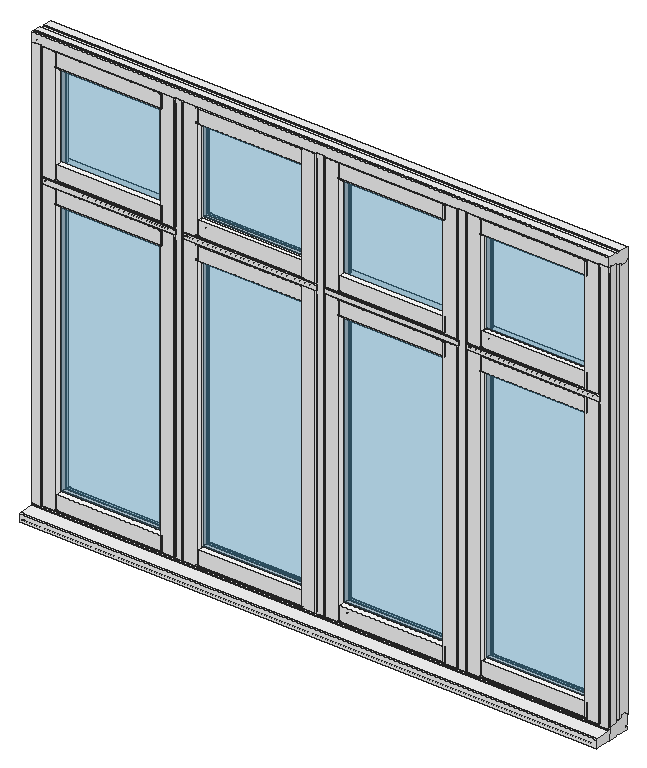
Revit family "C44", category Generic Models, Revit 2012 (continued)
Forms (mm)
  Extrusion 62, solid, material "White" <- "Floor Material"
    sketch origin (1143.651, -3440.583, 2722.931) x (0, 1, 0) y (0, 0, 1)
      loop
        line (3435.083, -1455.128) -> (3451.083, -1455.128)
    from -643.545 to -205.718
  Extrusion 63, solid, material "White" <- "Floor Material"
    sketch origin (-363.128, -3440.699, 1654.007) x (0, 1, 0) y (-1, 0, 0)
      loop
        arc (3451.083, -1345.128) -> (3453.205, -1344.249) -> (3454.083, -1342.128) r 3
        line (3454.083, -1342.128) -> (3454.083, -1301.128) -> (3406.083, -1301.128) -> (3406.083, -1285.128) -> (3404.083, -1285.128) -> (3394.083, -1295.128) -> (3394.083, -1350.128)
        arc (3394.083, -1350.128) -> (3394.962, -1352.249) -> (3397.083, -1353.128) r 3
        line (3397.083, -1353.128) -> (3399.083, -1353.128)
        arc (3399.083, -1353.128) -> (3401.205, -1352.249) -> (3402.083, -1350.128) r 3
        line (3402.083, -1350.128) -> (3402.083, -1345.128) -> (3413.083, -1345.128)
        arc (3413.083, -1345.128) -> (3414.498, -1344.542) -> (3415.083, -1343.128) r 2
        line (3415.083, -1343.128) -> (3433.083, -1343.128)
        arc (3433.083, -1343.128) -> (3433.669, -1344.542) -> (3435.083, -1345.128) r 2
        line (3435.083, -1345.128) -> (3451.083, -1345.128)
    from -398.197 to 75.993
  Extrusion 64, solid, material "White" <- "Floor Material"
    sketch origin (-363.128, -3440.699, 1144.02) x (0, 1, 0) y (-1, 0, 0)
      loop
        arc (3451.083, -1345.128) -> (3453.205, -1344.249) -> (3454.083, -1342.128) r 3
        line (3454.083, -1342.128) -> (3454.083, -1301.128) -> (3406.083, -1301.128) -> (3406.083, -1285.128) -> (3404.083, -1285.128) -> (3394.083, -1295.128) -> (3394.083, -1350.128)
        arc (3394.083, -1350.128) -> (3394.962, -1352.249) -> (3397.083, -1353.128) r 3
        line (3397.083, -1353.128) -> (3399.083, -1353.128)
        arc (3399.083, -1353.128) -> (3401.205, -1352.249) -> (3402.083, -1350.128) r 3
        line (3402.083, -1350.128) -> (3402.083, -1345.128) -> (3413.083, -1345.128)
        arc (3413.083, -1345.128) -> (3414.498, -1344.542) -> (3415.083, -1343.128) r 2
        line (3415.083, -1343.128) -> (3433.083, -1343.128)
        arc (3433.083, -1343.128) -> (3433.669, -1344.542) -> (3435.083, -1345.128) r 2
        line (3435.083, -1345.128) -> (3451.083, -1345.128)
    from -1096.02 to 84.79
  Extrusion 65, solid, material "White" <- "Floor Material"
    sketch origin (1800.914, -3440.699, 1654.007) x (0, 1, 0) y (-1, 0, 0)
      loop
        line (3451.083, 1345.128) -> (3435.083, 1345.128)
        arc (3435.083, 1345.128) -> (3433.669, 1344.542) -> (3433.083, 1343.128) r 2
        line (3433.083, 1343.128) -> (3415.083, 1343.128)
        arc (3415.083, 1343.128) -> (3414.498, 1344.542) -> (3413.083, 1345.128) r 2
        line (3413.083, 1345.128) -> (3402.083, 1345.128) -> (3402.083, 1350.128)
        arc (3402.083, 1350.128) -> (3401.205, 1352.249) -> (3399.083, 1353.128) r 3
        line (3399.083, 1353.128) -> (3397.083, 1353.128)
        arc (3397.083, 1353.128) -> (3394.962, 1352.249) -> (3394.083, 1350.128) r 3
        line (3394.083, 1350.128) -> (3394.083, 1295.128) -> (3404.083, 1285.128) -> (3406.083, 1285.128) -> (3406.083, 1301.128) -> (3454.083, 1301.128) -> (3454.083, 1342.128)
        arc (3454.083, 1342.128) -> (3453.205, 1344.249) -> (3451.083, 1345.128) r 3
    from -398.197 to 75.993
  Extrusion 66, solid, material "White" <- "Floor Material"
    sketch origin (1800.914, -3440.699, 1144.02) x (0, 1, 0) y (-1, 0, 0)
      loop
        line (3451.083, 1345.128) -> (3435.083, 1345.128)
        arc (3435.083, 1345.128) -> (3433.669, 1344.542) -> (3433.083, 1343.128) r 2
        line (3433.083, 1343.128) -> (3415.083, 1343.128)
        arc (3415.083, 1343.128) -> (3414.498, 1344.542) -> (3413.083, 1345.128) r 2
        line (3413.083, 1345.128) -> (3402.083, 1345.128) -> (3402.083, 1350.128)
        arc (3402.083, 1350.128) -> (3401.205, 1352.249) -> (3399.083, 1353.128) r 3
        line (3399.083, 1353.128) -> (3397.083, 1353.128)
        arc (3397.083, 1353.128) -> (3394.962, 1352.249) -> (3394.083, 1350.128) r 3
        line (3394.083, 1350.128) -> (3394.083, 1295.128) -> (3404.083, 1285.128) -> (3406.083, 1285.128) -> (3406.083, 1301.128) -> (3454.083, 1301.128) -> (3454.083, 1342.128)
        arc (3454.083, 1342.128) -> (3453.205, 1344.249) -> (3451.083, 1345.128) r 3
    from -1096.02 to 84.79
  Extrusion 67, solid, material "White" <- "Floor Material"
    sketch origin (1756.128, -3440.699, 1654.007) x (0, 1, 0) y (-1, 0, 0)
      loop
        arc (3397.083, 1312.128) -> (3398.498, 1312.714) -> (3399.083, 1314.128) r 2
        line (3399.083, 1314.128) -> (3399.083, 1315.128) -> (3406.083, 1315.128) -> (3406.083, 1314.128)
        arc (3406.083, 1314.128) -> (3406.669, 1312.714) -> (3408.083, 1312.128) r 2
        line (3408.083, 1312.128) -> (3433.083, 1312.128) -> (3433.083, 1306.128) -> (3441.083, 1306.128) -> (3441.083, 1312.128) -> (3444.083, 1312.128) -> (3444.083, 1304.128) -> (3454.083, 1304.128) -> (3454.083, 1312.128) -> (3458.083, 1312.128) -> (3458.083, 1292.128) -> (3474.083, 1292.128) -> (3474.083, 1295.128)
        arc (3474.083, 1295.128) -> (3481.155, 1298.057) -> (3484.083, 1305.128) r 10
        line (3484.083, 1305.128) -> (3487.083, 1305.128) -> (3487.083, 1347.128) -> (3484.083, 1347.128)
        arc (3484.083, 1347.128) -> (3481.155, 1354.199) -> (3474.083, 1357.128) r 10
        line (3474.083, 1357.128) -> (3474.083, 1360.128) -> (3458.083, 1360.128) -> (3458.083, 1340.128) -> (3454.083, 1340.128) -> (3454.083, 1348.128) -> (3444.083, 1348.128) -> (3444.083, 1340.128) -> (3441.083, 1340.128) -> (3441.083, 1346.128) -> (3433.083, 1346.128) -> (3433.083, 1340.128) -> (3408.083, 1340.128)
        arc (3408.083, 1340.128) -> (3406.669, 1339.542) -> (3406.083, 1338.128) r 2
        line (3406.083, 1338.128) -> (3406.083, 1337.128) -> (3399.083, 1337.128) -> (3399.083, 1338.128)
        arc (3399.083, 1338.128) -> (3398.498, 1339.542) -> (3397.083, 1340.128) r 2
        line (3397.083, 1340.128) -> (3393.083, 1340.128) -> (3393.083, 1312.128) -> (3397.083, 1312.128)
    from -1606.007 to 79.993
Cuts and joins
  Sweep 40 cuts Extrusion 18
  Sweep 40 cuts Extrusion 26
  Sweep 40 cuts Extrusion 36
  Sweep 40 cuts Sweep 38
  Sweep 40 cuts Sweep 39
Dimensions and locks
  plane 11 to level = 117 mm
  "Height": plane 10 to level
  "Width": plane 5 to plane 7
  plane 5 to plane 7 = 2358 mm
  Extrusion 15 to Extrusion 16 = 525.987 mm
  plane 14 to level = 60 mm
  plane 10 to plane 16 = 36 mm
  equal spacing: plane 5, plane 6, plane 7
  aligned and locked: level to plane 2
  aligned and locked: Sweep 14 sketch curve to plane 10
  aligned and locked: plane 5 to Sweep 14 sketch curve
  aligned and locked: plane 7 to Sweep 14 sketch curve
Automatic sketch dimensions
  Extrusion 8 sketch curve to plane 17 = 2.943 mm  (x2)
  plane 9 to Extrusion 8 sketch curve = 20.5 mm
  plane 17 to Extrusion 8 sketch curve = 0.057 mm
  Extrusion 8 sketch curve to Extrusion 8 sketch curve = 2 mm  (x4)
  Extrusion 8 sketch curve to Extrusion 8 sketch curve = 10 mm  (x2)
  Extrusion 8 sketch curve to Extrusion 8 sketch curve = 11 mm
  plane 1 "Center (Front/Back)" to Extrusion 8 sketch curve = 7.5 mm
  Extrusion 8 sketch curve to plane 15 = 6.485 mm
  Extrusion 8 sketch curve to Extrusion 8 sketch curve = 3 mm
  Extrusion 8 sketch curve to plane 17 = 7.943 mm
  Extrusion 8 sketch curve to Extrusion 8 sketch curve = 42 mm
  Extrusion 8 sketch curve to Extrusion 8 sketch curve = 6 mm
  Sweep 9 sketch curve to plane 24 = 52.12 mm
  plane 22 to Sweep 9 sketch curve = 52.1 mm
  plane 26 to Sweep 9 sketch curve = 56.193 mm
  Sweep 9 sketch curve to plane 17 = 52.1 mm
  Sweep 9 sketch curve to profile plane = 0 mm
  Sweep 9 sketch curve to profile plane = 8 mm
  profile plane to Sweep 9 sketch curve = 15.893 mm
  Sweep 9 sketch curve to Sweep 9 sketch curve = 3 mm  (x3)
  Sweep 9 sketch curve to Sweep 9 sketch curve = 4 mm  (x2)
  profile plane to Sweep 9 sketch curve = 4.893 mm
  Sweep 9 sketch curve to profile plane = 0.107 mm
  plane 1 "Center (Front/Back)" to Extrusion 10 sketch curve = 8.984 mm
  Extrusion 10 sketch curve to plane 24 = 56.013 mm
  Extrusion 10 sketch curve to Extrusion 10 sketch curve = 0 mm  (x2)
  plane 22 to Extrusion 10 sketch curve = 56.993 mm
  Extrusion 10 sketch curve to Extrusion 10 sketch curve = 4 mm  (x2)
  Extrusion 10 sketch curve to Extrusion 10 sketch curve = 16 mm
  Sweep 11 sketch curve to plane 24 = 56.013 mm
  plane 22 to Sweep 11 sketch curve = 56 mm
  plane 26 to Sweep 11 sketch curve = 59.993 mm
  Sweep 11 sketch curve to plane 17 = 55.943 mm
  profile plane to Sweep 11 sketch curve = 0 mm
  profile plane to Sweep 11 sketch curve = 10 mm
  Sweep 11 sketch curve to profile plane = 8 mm
  profile plane to Sweep 11 sketch curve = 8 mm
  Extrusion 12 sketch curve to level = 0 mm  (x2)
  Extrusion 12 sketch curve to plane 4 = 2 mm
  Extrusion 12 sketch curve to plane 9 = 41.015 mm
  plane 4 to Extrusion 12 sketch curve = 0.977 mm
  Extrusion 12 sketch curve to Extrusion 12 sketch curve = 2.63 mm
  Extrusion 12 sketch curve to Extrusion 12 sketch curve = 5 mm  (x2)
  level to Extrusion 12 sketch curve = 2 mm
  Extrusion 12 sketch curve to Extrusion 12 sketch curve = 3 mm
  plane 9 to Extrusion 12 sketch curve = 18.985 mm
  plane 4 to Extrusion 12 sketch curve = 5 mm
  Extrusion 12 sketch curve to Extrusion 12 sketch curve = 0 mm
  Extrusion 12 sketch curve to plane 4 = 10 mm
  Extrusion 13 sketch curve to level = 0 mm  (x3)
  Extrusion 13 sketch curve to plane 15 = 0 mm  (x2)
  Extrusion 13 sketch curve to plane 14 = 0 mm
  Extrusion 13 sketch curve to plane 15 = 8 mm
  plane 1 "Center (Front/Back)" to Extrusion 13 sketch curve = 6.015 mm
  level to Extrusion 13 sketch curve = 5 mm
  plane 1 "Center (Front/Back)" to Extrusion 13 sketch curve = 11.015 mm
  Extrusion 13 sketch curve to Extrusion 13 sketch curve = 26 mm
  Extrusion 13 sketch curve to Extrusion 13 sketch curve = 3 mm  (x5)
  Extrusion 13 sketch curve to plane 4 = 10 mm
  Extrusion 13 sketch curve to Extrusion 13 sketch curve = 0 mm
  Extrusion 13 sketch curve to Extrusion 13 sketch curve = 5 mm  (x2)
  Extrusion 13 sketch curve to Extrusion 13 sketch curve = 2 mm
  Extrusion 13 sketch curve to Extrusion 13 sketch curve = 6 mm
  plane 14 to Extrusion 13 sketch curve = 5 mm
  Extrusion 13 sketch curve to Extrusion 13 sketch curve = 10 mm  (x3)
  plane 15 to Extrusion 13 sketch curve = 19 mm
  Extrusion 13 sketch curve to plane 14 = 5 mm
  level to Extrusion 13 sketch curve = 2 mm
  level to Extrusion 13 sketch curve = 10 mm
  plane 4 to Extrusion 13 sketch curve = 5 mm
  Extrusion 13 sketch curve to plane 14 = 12 mm
  Extrusion 13 sketch curve to Extrusion 13 sketch curve = 4 mm
  plane 14 to Extrusion 13 sketch curve = 8 mm
  profile plane to Sweep 14 sketch curve = 0 mm  (x3)
  Sweep 14 sketch curve to Sweep 14 sketch curve = 2 mm  (x2)
  Sweep 14 sketch curve to Sweep 14 sketch curve = 5 mm  (x2)
  Sweep 14 sketch curve to Sweep 14 sketch curve = 31 mm
  Sweep 14 sketch curve to Sweep 14 sketch curve = 0.071 mm
  Sweep 14 sketch curve to Sweep 14 sketch curve = 0.17 mm
  profile plane to Sweep 14 sketch curve = 7 mm
  Sweep 14 sketch curve to Sweep 14 sketch curve = 2.929 mm
  Sweep 14 sketch curve to Sweep 14 sketch curve = 2.83 mm
  Sweep 14 sketch curve to profile plane = 1 mm
  Sweep 14 sketch curve to Sweep 14 sketch curve = 0 mm  (x3)
  Sweep 14 sketch curve to Sweep 14 sketch curve = 7 mm
  Sweep 14 sketch curve to Sweep 14 sketch curve = 8 mm
  Sweep 14 sketch curve to Sweep 14 sketch curve = 10 mm  (x2)
  Sweep 14 sketch curve to Sweep 14 sketch curve = 3 mm  (x4)
  Sweep 14 sketch curve to profile plane = 10 mm
  Sweep 14 sketch curve to Sweep 14 sketch curve = 4 mm
  Sweep 14 sketch curve to Sweep 14 sketch curve = 16 mm
  profile plane to Sweep 14 sketch curve = 10 mm
  Sweep 14 sketch curve to Sweep 14 sketch curve = 24.08 mm
  Sweep 14 sketch curve to Sweep 14 sketch curve = 0.647 mm
  Sweep 14 sketch curve to Sweep 14 sketch curve = 26 mm
  Sweep 14 sketch curve to Sweep 14 sketch curve = 6.921 mm
  Extrusion 15 sketch curve to plane 24 = 3.013 mm
  plane 9 to Extrusion 15 sketch curve = 20.384 mm
  Extrusion 15 sketch curve to plane 24 = 0.013 mm
  Extrusion 15 sketch curve to Extrusion 15 sketch curve = 2 mm  (x4)
  Extrusion 15 sketch curve to Extrusion 15 sketch curve = 3 mm  (x2)
  Extrusion 15 sketch curve to Extrusion 15 sketch curve = 10 mm  (x2)
  Extrusion 15 sketch curve to Extrusion 15 sketch curve = 11 mm
  plane 1 "Center (Front/Back)" to Extrusion 15 sketch curve = 7.616 mm
  Extrusion 15 sketch curve to plane 15 = 6.601 mm
  Extrusion 15 sketch curve to plane 24 = 8.013 mm
  Extrusion 15 sketch curve to Extrusion 15 sketch curve = 42 mm
  Extrusion 15 sketch curve to Extrusion 15 sketch curve = 6 mm
  Extrusion 16 sketch curve to plane 22 = 0 mm
  plane 22 to Extrusion 16 sketch curve = 3 mm
  plane 9 to Extrusion 16 sketch curve = 20.384 mm
  Extrusion 16 sketch curve to Extrusion 16 sketch curve = 2 mm  (x4)
  Extrusion 16 sketch curve to Extrusion 16 sketch curve = 3 mm  (x2)
  Extrusion 16 sketch curve to Extrusion 16 sketch curve = 10 mm  (x2)
  Extrusion 16 sketch curve to Extrusion 16 sketch curve = 11 mm
  plane 1 "Center (Front/Back)" to Extrusion 16 sketch curve = 7.616 mm
  Extrusion 16 sketch curve to plane 15 = 6.601 mm
  plane 22 to Extrusion 16 sketch curve = 8 mm
  Extrusion 16 sketch curve to Extrusion 16 sketch curve = 41 mm
  Extrusion 16 sketch curve to Extrusion 16 sketch curve = 6 mm
  Extrusion 17 sketch curve to plane 26 = 0 mm
  plane 26 to Extrusion 17 sketch curve = 3 mm
  plane 9 to Extrusion 17 sketch curve = 20.5 mm
  Extrusion 17 sketch curve to Extrusion 17 sketch curve = 2 mm  (x4)
  Extrusion 17 sketch curve to Extrusion 17 sketch curve = 3 mm  (x2)
  Extrusion 17 sketch curve to Extrusion 17 sketch curve = 10 mm  (x2)
  Extrusion 17 sketch curve to Extrusion 17 sketch curve = 11 mm
  plane 1 "Center (Front/Back)" to Extrusion 17 sketch curve = 7.5 mm
  Extrusion 17 sketch curve to plane 15 = 6.485 mm
  plane 26 to Extrusion 17 sketch curve = 11.993 mm
  Extrusion 17 sketch curve to Extrusion 17 sketch curve = 41 mm
  Extrusion 17 sketch curve to Extrusion 17 sketch curve = 6 mm
  Extrusion 18 sketch curve to plane 23 = 0 mm  (x4)
  Extrusion 18 sketch curve to plane 21 = 0 mm  (x4)
  plane 9 to Extrusion 18 sketch curve = 19.384 mm
  Extrusion 18 sketch curve to Extrusion 18 sketch curve = 4 mm  (x2)
  Extrusion 18 sketch curve to plane 21 = 2 mm
  Extrusion 18 sketch curve to Extrusion 18 sketch curve = 2 mm  (x2)
  Extrusion 18 sketch curve to Extrusion 18 sketch curve = 7 mm  (x2)
  Extrusion 18 sketch curve to plane 23 = 2 mm
  plane 22 to Extrusion 18 sketch curve = 2 mm
  plane 1 "Center (Front/Back)" to Extrusion 18 sketch curve = 7.616 mm  (x2)
  plane 20 to Extrusion 18 sketch curve = 2 mm
  Extrusion 18 sketch curve to plane 1 "Center (Front/Back)" = 0.384 mm  (x2)
  Extrusion 18 sketch curve to Extrusion 18 sketch curve = 3 mm  (x3)
  Extrusion 18 sketch curve to plane 1 "Center (Front/Back)" = 3.384 mm
  Extrusion 18 sketch curve to plane 15 = 3.601 mm  (x2)
  plane 15 to Extrusion 18 sketch curve = 0.399 mm  (x2)
  plane 20 to Extrusion 18 sketch curve = 3 mm
  plane 15 to Extrusion 18 sketch curve = 16.399 mm
  Extrusion 18 sketch curve to Extrusion 18 sketch curve = 16 mm
  plane 22 to Extrusion 18 sketch curve = 3 mm
  Extrusion 18 sketch curve to Extrusion 18 sketch curve = 10 mm  (x2)
  plane 20 to Extrusion 18 sketch curve = 16 mm
  plane 20 to Extrusion 18 sketch curve = 4 mm
  Extrusion 18 sketch curve to Extrusion 18 sketch curve = 1 mm  (x2)
  plane 22 to Extrusion 18 sketch curve = 4 mm
  Extrusion 19 sketch curve to plane 17 = 3.359 mm
  plane 9 to Extrusion 19 sketch curve = 20.5 mm
  Extrusion 19 sketch curve to plane 17 = 0.359 mm
  Extrusion 19 sketch curve to Extrusion 19 sketch curve = 2 mm  (x4)
  Extrusion 19 sketch curve to Extrusion 19 sketch curve = 3 mm  (x2)
  Extrusion 19 sketch curve to Extrusion 19 sketch curve = 10 mm  (x2)
  Extrusion 19 sketch curve to Extrusion 19 sketch curve = 11 mm
  plane 1 "Center (Front/Back)" to Extrusion 19 sketch curve = 7.5 mm
  Extrusion 19 sketch curve to plane 15 = 6.485 mm
  Extrusion 19 sketch curve to plane 17 = 8.359 mm
  Extrusion 19 sketch curve to Extrusion 19 sketch curve = 41 mm
  Extrusion 19 sketch curve to Extrusion 19 sketch curve = 6 mm
  Extrusion 20 sketch curve to plane 14 = 9 mm
  plane 9 to Extrusion 20 sketch curve = 20.884 mm
  Extrusion 20 sketch curve to Extrusion 20 sketch curve = 3 mm  (x2)
  Extrusion 20 sketch curve to Extrusion 20 sketch curve = 2 mm  (x4)
  plane 11 to Extrusion 20 sketch curve = 2.951 mm
  Extrusion 20 sketch curve to Extrusion 20 sketch curve = 10 mm
  plane 14 to Extrusion 20 sketch curve = 1.951 mm
  Extrusion 20 sketch curve to Extrusion 20 sketch curve = 11 mm
  plane 1 "Center (Front/Back)" to Extrusion 20 sketch curve = 7.116 mm
  plane 14 to Extrusion 20 sketch curve = 2.951 mm
  Extrusion 20 sketch curve to plane 15 = 6.101 mm
  Extrusion 20 sketch curve to plane 11 = 7.049 mm
  Extrusion 20 sketch curve to plane 11 = 13.049 mm
  Extrusion 21 sketch curve to plane 14 = 0 mm  (x2)
  plane 9 to Extrusion 21 sketch curve = 20.5 mm
  Extrusion 21 sketch curve to Extrusion 21 sketch curve = 3 mm  (x2)
  Extrusion 21 sketch curve to Extrusion 21 sketch curve = 2 mm  (x2)
  plane 11 to Extrusion 21 sketch curve = 3 mm
  Extrusion 21 sketch curve to Extrusion 21 sketch curve = 10 mm
  plane 14 to Extrusion 21 sketch curve = 2 mm
  Extrusion 21 sketch curve to Extrusion 21 sketch curve = 11 mm
  plane 1 "Center (Front/Back)" to Extrusion 21 sketch curve = 7.5 mm
  plane 14 to Extrusion 21 sketch curve = 3 mm
  Extrusion 21 sketch curve to plane 15 = 6.485 mm
  Extrusion 21 sketch curve to plane 14 = 9 mm
  Extrusion 21 sketch curve to plane 11 = 13 mm
  Extrusion 21 sketch curve to plane 11 = 7 mm
  Extrusion 22 sketch curve to plane 27 = 0 mm
  Extrusion 22 sketch curve to plane 29 = 0 mm
  plane 28 to Extrusion 22 sketch curve = 2 mm  (x3)
  plane 9 to Extrusion 22 sketch curve = 19.384 mm
  Extrusion 22 sketch curve to Extrusion 22 sketch curve = 2 mm  (x2)
  Extrusion 22 sketch curve to Extrusion 22 sketch curve = 4 mm
  plane 28 to Extrusion 22 sketch curve = 4 mm
  Extrusion 22 sketch curve to Extrusion 22 sketch curve = 7 mm
  plane 1 "Center (Front/Back)" to Extrusion 22 sketch curve = 7.616 mm
  plane 1 "Center (Front/Back)" to Extrusion 22 sketch curve = 5.616 mm
  Extrusion 22 sketch curve to plane 1 "Center (Front/Back)" = 0.384 mm
  Extrusion 22 sketch curve to Extrusion 22 sketch curve = 3 mm  (x4)
  Extrusion 22 sketch curve to plane 15 = 3.601 mm
  plane 15 to Extrusion 22 sketch curve = 0.399 mm  (x3)
  Extrusion 22 sketch curve to Extrusion 22 sketch curve = 6 mm
  Extrusion 22 sketch curve to Extrusion 22 sketch curve = 10 mm  (x3)
  Extrusion 22 sketch curve to Extrusion 22 sketch curve = 16 mm
  Extrusion 22 sketch curve to plane 29 = 0.783 mm
  plane 26 to Extrusion 22 sketch curve = 3.217 mm
  Extrusion 22 sketch curve to Extrusion 22 sketch curve = 5 mm
  plane 26 to Extrusion 22 sketch curve = 10.217 mm
  plane 26 to Extrusion 22 sketch curve = 11.217 mm
  Extrusion 22 sketch curve to Extrusion 22 sketch curve = 1 mm  (x3)
  Extrusion 22 sketch curve to Extrusion 22 sketch curve = 8 mm
  plane 28 to Extrusion 22 sketch curve = 2.217 mm
  Extrusion 22 sketch curve to plane 29 = 2 mm
  Extrusion 23 sketch curve to plane 28 = 0 mm
  plane 29 to Extrusion 23 sketch curve = 1 mm  (x2)
  plane 9 to Extrusion 23 sketch curve = 20.5 mm
  Extrusion 23 sketch curve to Extrusion 23 sketch curve = 2 mm  (x4)
  Extrusion 23 sketch curve to Extrusion 23 sketch curve = 10 mm  (x2)
  Extrusion 23 sketch curve to Extrusion 23 sketch curve = 11 mm
  plane 1 "Center (Front/Back)" to Extrusion 23 sketch curve = 7.5 mm
  Extrusion 23 sketch curve to plane 15 = 6.485 mm
  Extrusion 23 sketch curve to Extrusion 23 sketch curve = 3 mm
  Extrusion 23 sketch curve to plane 29 = 4 mm
  Extrusion 23 sketch curve to Extrusion 23 sketch curve = 42 mm
  Extrusion 23 sketch curve to Extrusion 23 sketch curve = 6 mm
  Sweep 24 sketch curve to plane 11 = 12.9 mm
  Sweep 24 sketch curve to plane 24 = 52.12 mm
  plane 22 to Sweep 24 sketch curve = 52.1 mm
  Sweep 24 sketch curve to plane 29 = 48 mm
  Sweep 24 sketch curve to profile plane = 0 mm
  Sweep 24 sketch curve to profile plane = 8 mm
  profile plane to Sweep 24 sketch curve = 15.893 mm
  Sweep 24 sketch curve to Sweep 24 sketch curve = 3 mm  (x3)
  Sweep 24 sketch curve to Sweep 24 sketch curve = 4 mm  (x2)
  profile plane to Sweep 24 sketch curve = 4.893 mm
  Sweep 24 sketch curve to profile plane = 0.107 mm
  Extrusion 25 sketch curve to plane 24 = 3.013 mm
  plane 9 to Extrusion 25 sketch curve = 20.384 mm
  Extrusion 25 sketch curve to plane 24 = 0.013 mm
  Extrusion 25 sketch curve to Extrusion 25 sketch curve = 2 mm  (x4)
  Extrusion 25 sketch curve to Extrusion 25 sketch curve = 3 mm  (x2)
  Extrusion 25 sketch curve to Extrusion 25 sketch curve = 10 mm  (x2)
  Extrusion 25 sketch curve to Extrusion 25 sketch curve = 11 mm
  plane 1 "Center (Front/Back)" to Extrusion 25 sketch curve = 7.616 mm
  Extrusion 25 sketch curve to plane 15 = 6.601 mm
  Extrusion 25 sketch curve to plane 24 = 8.013 mm
  Extrusion 25 sketch curve to Extrusion 25 sketch curve = 42 mm
  Extrusion 25 sketch curve to Extrusion 25 sketch curve = 6 mm
  Extrusion 26 sketch curve to plane 22 = 0 mm
  plane 22 to Extrusion 26 sketch curve = 3 mm  (x2)
  plane 9 to Extrusion 26 sketch curve = 20.384 mm
  Extrusion 26 sketch curve to Extrusion 26 sketch curve = 2 mm  (x4)
  Extrusion 26 sketch curve to Extrusion 26 sketch curve = 10 mm  (x2)
  Extrusion 26 sketch curve to Extrusion 26 sketch curve = 11 mm
  plane 1 "Center (Front/Back)" to Extrusion 26 sketch curve = 7.616 mm
  Extrusion 26 sketch curve to plane 15 = 6.601 mm
  Extrusion 26 sketch curve to Extrusion 26 sketch curve = 3 mm
  plane 22 to Extrusion 26 sketch curve = 8 mm
  Extrusion 26 sketch curve to Extrusion 26 sketch curve = 41 mm
  Extrusion 26 sketch curve to Extrusion 26 sketch curve = 6 mm
  plane 1 "Center (Front/Back)" to Extrusion 27 sketch curve = 8.984 mm
  Extrusion 27 sketch curve to plane 24 = 56.013 mm
  Extrusion 27 sketch curve to Extrusion 27 sketch curve = 0 mm  (x2)
  plane 22 to Extrusion 27 sketch curve = 51.993 mm
  Extrusion 27 sketch curve to Extrusion 27 sketch curve = 4 mm  (x2)
  Extrusion 27 sketch curve to Extrusion 27 sketch curve = 16 mm
  Sweep 28 sketch curve to plane 11 = 9 mm
  Sweep 28 sketch curve to plane 24 = 56.013 mm
  plane 22 to Sweep 28 sketch curve = 55.993 mm
  Sweep 28 sketch curve to plane 29 = 53.776 mm
  profile plane to Sweep 28 sketch curve = 0 mm
  Sweep 28 sketch curve to Sweep 28 sketch curve = 10 mm
  Sweep 28 sketch curve to profile plane = 8 mm
  profile plane to Sweep 28 sketch curve = 8 mm
  Sweep 29 sketch curve to plane 11 = 12.9 mm
  plane 20 to Sweep 29 sketch curve = 52.2 mm
  Sweep 29 sketch curve to plane 13 = 44.187 mm
  Sweep 29 sketch curve to plane 17 = 52.559 mm
  Sweep 29 sketch curve to profile plane = 0 mm
  Sweep 29 sketch curve to profile plane = 8 mm
  profile plane to Sweep 29 sketch curve = 15.893 mm
  Sweep 29 sketch curve to Sweep 29 sketch curve = 3 mm  (x3)
  Sweep 29 sketch curve to Sweep 29 sketch curve = 4 mm  (x2)
  profile plane to Sweep 29 sketch curve = 4.893 mm
  Sweep 29 sketch curve to profile plane = 0.107 mm
  plane 20 to Extrusion 30 sketch curve = 56.227 mm
  Extrusion 30 sketch curve to Extrusion 30 sketch curve = 0.866 mm
  Extrusion 30 sketch curve to plane 13 = 48.08 mm
  plane 1 "Center (Front/Back)" to Extrusion 30 sketch curve = 8.984 mm
  Extrusion 30 sketch curve to Extrusion 30 sketch curve = 0 mm
  Extrusion 30 sketch curve to Extrusion 30 sketch curve = 4 mm  (x2)
  Extrusion 30 sketch curve to Extrusion 30 sketch curve = 16 mm
  Sweep 31 sketch curve to plane 11 = 9 mm
  plane 20 to Sweep 31 sketch curve = 56.227 mm
  Sweep 31 sketch curve to plane 13 = 48.08 mm
  Sweep 31 sketch curve to plane 17 = 56 mm
  profile plane to Sweep 31 sketch curve = 0 mm
  profile plane to Sweep 31 sketch curve = 10 mm
  Sweep 31 sketch curve to profile plane = 8 mm
  profile plane to Sweep 31 sketch curve = 8 mm
  Extrusion 32 sketch curve to plane 17 = 2.943 mm  (x2)
  plane 9 to Extrusion 32 sketch curve = 20.5 mm
  plane 17 to Extrusion 32 sketch curve = 0.057 mm
  Extrusion 32 sketch curve to Extrusion 32 sketch curve = 2 mm  (x4)
  Extrusion 32 sketch curve to Extrusion 32 sketch curve = 10 mm  (x2)
  Extrusion 32 sketch curve to Extrusion 32 sketch curve = 11 mm
  plane 1 "Center (Front/Back)" to Extrusion 32 sketch curve = 7.5 mm
  Extrusion 32 sketch curve to plane 15 = 6.485 mm
  Extrusion 32 sketch curve to Extrusion 32 sketch curve = 3 mm
  Extrusion 32 sketch curve to plane 17 = 7.943 mm
  Extrusion 32 sketch curve to Extrusion 32 sketch curve = 42 mm
  Extrusion 32 sketch curve to Extrusion 32 sketch curve = 6 mm
  Sweep 33 sketch curve to plane 11 = 12.9 mm
  Sweep 33 sketch curve to plane 19 = 52.12 mm
  plane 25 to Sweep 33 sketch curve = 84.1 mm
  Sweep 33 sketch curve to plane 17 = 52.1 mm
  Sweep 33 sketch curve to profile plane = 0 mm
  Sweep 33 sketch curve to profile plane = 8 mm
  profile plane to Sweep 33 sketch curve = 15.893 mm
  Sweep 33 sketch curve to Sweep 33 sketch curve = 3 mm  (x3)
  Sweep 33 sketch curve to Sweep 33 sketch curve = 4 mm  (x2)
  profile plane to Sweep 33 sketch curve = 4.893 mm
  Sweep 33 sketch curve to profile plane = 0.107 mm
  plane 1 "Center (Front/Back)" to Extrusion 34 sketch curve = 8.984 mm
  Extrusion 34 sketch curve to plane 19 = 56.013 mm
  Extrusion 34 sketch curve to Extrusion 34 sketch curve = 0 mm  (x2)
  plane 1 "Center (Front/Back)" to Extrusion 34 sketch curve = 28.984 mm
  plane 25 to Extrusion 34 sketch curve = 88.993 mm
  Extrusion 34 sketch curve to Extrusion 34 sketch curve = 4 mm  (x2)
  Sweep 35 sketch curve to plane 11 = 9.007 mm
  Sweep 35 sketch curve to plane 19 = 56.013 mm
  plane 25 to Sweep 35 sketch curve = 88 mm
  Sweep 35 sketch curve to plane 17 = 55.943 mm
  profile plane to Sweep 35 sketch curve = 0 mm
  profile plane to Sweep 35 sketch curve = 10 mm
  Sweep 35 sketch curve to profile plane = 8 mm
  profile plane to Sweep 35 sketch curve = 8 mm
  Extrusion 36 sketch curve to plane 25 = 0 mm  (x4)
  plane 9 to Extrusion 36 sketch curve = 19.384 mm
  Extrusion 36 sketch curve to Extrusion 36 sketch curve = 4 mm  (x2)
  plane 25 to Extrusion 36 sketch curve = 2 mm
  Extrusion 36 sketch curve to Extrusion 36 sketch curve = 2 mm  (x3)
  Extrusion 36 sketch curve to Extrusion 36 sketch curve = 7 mm  (x3)
  plane 1 "Center (Front/Back)" to Extrusion 36 sketch curve = 7.616 mm  (x2)
  Extrusion 36 sketch curve to plane 24 = 2 mm
  Extrusion 36 sketch curve to plane 1 "Center (Front/Back)" = 0.384 mm  (x2)
  Extrusion 36 sketch curve to Extrusion 36 sketch curve = 3 mm  (x3)
  Extrusion 36 sketch curve to plane 1 "Center (Front/Back)" = 3.384 mm
  Extrusion 36 sketch curve to plane 15 = 3.601 mm  (x2)
  plane 15 to Extrusion 36 sketch curve = 0.399 mm  (x2)
  Extrusion 36 sketch curve to plane 24 = 3 mm
  plane 15 to Extrusion 36 sketch curve = 16.399 mm
  Extrusion 36 sketch curve to Extrusion 36 sketch curve = 16 mm
  Extrusion 36 sketch curve to Extrusion 36 sketch curve = 10 mm  (x2)
  Extrusion 36 sketch curve to plane 24 = 16 mm
  Extrusion 36 sketch curve to plane 24 = 4 mm
  Extrusion 36 sketch curve to Extrusion 36 sketch curve = 1 mm  (x3)
  Extrusion 36 sketch curve to Extrusion 36 sketch curve = 22 mm
  Extrusion 36 sketch curve to Extrusion 36 sketch curve = 0 mm  (x2)
  Extrusion 36 sketch curve to Extrusion 36 sketch curve = 6 mm
  Extrusion 36 sketch curve to Extrusion 36 sketch curve = 8 mm
  Extrusion 37 sketch curve to plane 14 = 0 mm  (x2)
  plane 9 to Extrusion 37 sketch curve = 20.5 mm
  Extrusion 37 sketch curve to Extrusion 37 sketch curve = 3 mm  (x2)
  Extrusion 37 sketch curve to Extrusion 37 sketch curve = 2 mm  (x2)
  plane 11 to Extrusion 37 sketch curve = 3 mm
  Extrusion 37 sketch curve to Extrusion 37 sketch curve = 10 mm
  plane 14 to Extrusion 37 sketch curve = 2 mm
  Extrusion 37 sketch curve to Extrusion 37 sketch curve = 11 mm
  plane 1 "Center (Front/Back)" to Extrusion 37 sketch curve = 7.5 mm
  plane 14 to Extrusion 37 sketch curve = 3 mm
  Extrusion 37 sketch curve to plane 15 = 6.485 mm
  Extrusion 37 sketch curve to plane 14 = 9 mm
  Extrusion 37 sketch curve to plane 11 = 13 mm
  Extrusion 37 sketch curve to plane 11 = 7 mm
  plane 5 to Sweep 38 sketch curve = 0 mm
  Sweep 38 sketch curve to plane 16 = 0 mm
  Sweep 38 sketch curve to level = 0 mm
  Sweep 38 sketch curve to profile plane = 0 mm  (x3)
  Sweep 38 sketch curve to profile plane = 47 mm
  Sweep 38 sketch curve to Sweep 38 sketch curve = 3 mm  (x2)
  Sweep 38 sketch curve to Sweep 38 sketch curve = 10 mm
  Sweep 38 sketch curve to Sweep 38 sketch curve = 16 mm
  Sweep 38 sketch curve to Sweep 38 sketch curve = 4 mm
  Sweep 38 sketch curve to profile plane = 5 mm
  Sweep 38 sketch curve to profile plane = 10 mm
  Sweep 38 sketch curve to profile plane = 4 mm
  Sweep 38 sketch curve to profile plane = 1 mm
  profile plane to Sweep 38 sketch curve = 7 mm
  profile plane to Sweep 38 sketch curve = 10 mm
  Sweep 38 sketch curve to Sweep 38 sketch curve = 24.08 mm
  Sweep 38 sketch curve to Sweep 38 sketch curve = 0.647 mm
  Sweep 38 sketch curve to Sweep 38 sketch curve = 2.999 mm
  Sweep 38 sketch curve to Sweep 38 sketch curve = 26 mm
  Sweep 38 sketch curve to Sweep 38 sketch curve = 6.921 mm
  Sweep 38 sketch curve to Sweep 38 sketch curve = 2 mm
  Sweep 38 sketch curve to Sweep 38 sketch curve = 0.995 mm
  Sweep 38 sketch curve to Sweep 38 sketch curve = 5 mm
  Sweep 38 sketch curve to profile plane = 2 mm
  Sweep 38 sketch curve to Sweep 38 sketch curve = 31 mm
  Sweep 38 sketch curve to Sweep 38 sketch curve = 0.071 mm
  Sweep 38 sketch curve to Sweep 38 sketch curve = 0.17 mm
  Sweep 38 sketch curve to Sweep 38 sketch curve = 0 mm  (x3)
  Sweep 38 sketch curve to Sweep 38 sketch curve = 7 mm
  Sweep 38 sketch curve to Sweep 38 sketch curve = 8 mm
  Sweep 38 sketch curve to Sweep 38 sketch curve = 12 mm
  Sweep 39 sketch curve to plane 7 = 0 mm
  Sweep 39 sketch curve to plane 16 = 0 mm
  Sweep 39 sketch curve to level = 0 mm
  Sweep 39 sketch curve to profile plane = 0 mm  (x3)
  Sweep 39 sketch curve to profile plane = 47 mm
  Sweep 39 sketch curve to Sweep 39 sketch curve = 3 mm  (x3)
  Sweep 39 sketch curve to Sweep 39 sketch curve = 10 mm
  Sweep 39 sketch curve to Sweep 39 sketch curve = 16 mm
  Sweep 39 sketch curve to Sweep 39 sketch curve = 4 mm
  profile plane to Sweep 39 sketch curve = 5 mm
  Sweep 39 sketch curve to profile plane = 10 mm
  Sweep 39 sketch curve to profile plane = 4 mm
  Sweep 39 sketch curve to profile plane = 1 mm
  profile plane to Sweep 39 sketch curve = 7 mm
  profile plane to Sweep 39 sketch curve = 10 mm
  Sweep 39 sketch curve to Sweep 39 sketch curve = 24.08 mm
  Sweep 39 sketch curve to Sweep 39 sketch curve = 0.647 mm
  Sweep 39 sketch curve to Sweep 39 sketch curve = 2.999 mm
  Sweep 39 sketch curve to Sweep 39 sketch curve = 26 mm
  Sweep 39 sketch curve to Sweep 39 sketch curve = 6.921 mm
  Sweep 39 sketch curve to Sweep 39 sketch curve = 2 mm
  Sweep 39 sketch curve to Sweep 39 sketch curve = 0.995 mm
  Sweep 39 sketch curve to Sweep 39 sketch curve = 5 mm
  profile plane to Sweep 39 sketch curve = 33 mm
  Sweep 39 sketch curve to Sweep 39 sketch curve = 0.071 mm
  Sweep 39 sketch curve to Sweep 39 sketch curve = 0.17 mm
  Sweep 39 sketch curve to Sweep 39 sketch curve = 0 mm  (x3)
  Sweep 39 sketch curve to Sweep 39 sketch curve = 7 mm
  Sweep 39 sketch curve to Sweep 39 sketch curve = 8 mm
  profile plane to Sweep 39 sketch curve = 2 mm
  Sweep 40 sketch curve to plane 5 = 0 mm
  Sweep 40 sketch curve to plane 7 = 0 mm
  plane 1 "Center (Front/Back)" to Sweep 40 sketch curve = 1.015 mm
  Sweep 40 sketch curve to level = 5 mm
  profile plane to Sweep 40 sketch curve = 132 mm
  Sweep 40 sketch curve to Sweep 40 sketch curve = 2.63 mm
  Sweep 40 sketch curve to Sweep 40 sketch curve = 3 mm  (x5)
  level to Sweep 40 sketch curve = 30.977 mm
  Sweep 40 sketch curve to Sweep 40 sketch curve = 25 mm
  level to Sweep 40 sketch curve = 33.978 mm
  Sweep 40 sketch curve to Sweep 40 sketch curve = 25.006 mm
  Sweep 40 sketch curve to Sweep 40 sketch curve = 32.364 mm
  Sweep 40 sketch curve to Sweep 40 sketch curve = 2 mm  (x2)
  profile plane to Sweep 40 sketch curve = 5 mm
  Sweep 40 sketch curve to profile plane = 18 mm
  Sweep 40 sketch curve to Sweep 40 sketch curve = 0 mm
  Sweep 40 sketch curve to Sweep 40 sketch curve = 6 mm
  Sweep 40 sketch curve to Sweep 40 sketch curve = 10 mm  (x2)
  Sweep 40 sketch curve to Sweep 40 sketch curve = 11 mm
  level to Sweep 40 sketch curve = 25 mm
  Sweep 40 sketch curve to Sweep 40 sketch curve = 4.022 mm
  Sweep 40 sketch curve to Sweep 40 sketch curve = 5 mm  (x2)
  Sweep 40 sketch curve to Sweep 40 sketch curve = 1 mm  (x2)
  Extrusion 41 sketch curve to plane 27 = 0 mm
  Extrusion 41 sketch curve to plane 29 = 0 mm
  plane 28 to Extrusion 41 sketch curve = 2 mm  (x3)
  plane 9 to Extrusion 41 sketch curve = 19.384 mm
  Extrusion 41 sketch curve to Extrusion 41 sketch curve = 2 mm  (x2)
  Extrusion 41 sketch curve to Extrusion 41 sketch curve = 4 mm
  plane 28 to Extrusion 41 sketch curve = 4 mm
  Extrusion 41 sketch curve to Extrusion 41 sketch curve = 7 mm
  plane 1 "Center (Front/Back)" to Extrusion 41 sketch curve = 7.616 mm
  plane 1 "Center (Front/Back)" to Extrusion 41 sketch curve = 5.616 mm
  Extrusion 41 sketch curve to plane 1 "Center (Front/Back)" = 0.384 mm
  Extrusion 41 sketch curve to Extrusion 41 sketch curve = 3 mm  (x4)
  Extrusion 41 sketch curve to plane 15 = 3.601 mm
  plane 15 to Extrusion 41 sketch curve = 0.399 mm  (x3)
  Extrusion 41 sketch curve to Extrusion 41 sketch curve = 6 mm
  Extrusion 41 sketch curve to Extrusion 41 sketch curve = 10 mm  (x3)
  Extrusion 41 sketch curve to Extrusion 41 sketch curve = 16 mm
  Extrusion 41 sketch curve to plane 29 = 0.783 mm
  plane 26 to Extrusion 41 sketch curve = 3.217 mm
  Extrusion 41 sketch curve to Extrusion 41 sketch curve = 5 mm
  plane 26 to Extrusion 41 sketch curve = 10.217 mm
  plane 26 to Extrusion 41 sketch curve = 11.217 mm
  Extrusion 41 sketch curve to Extrusion 41 sketch curve = 1 mm  (x3)
  Extrusion 41 sketch curve to Extrusion 41 sketch curve = 8 mm
  plane 28 to Extrusion 41 sketch curve = 2.217 mm
  Extrusion 41 sketch curve to plane 29 = 2 mm
  Extrusion 42 sketch curve to plane 28 = 0 mm
  plane 29 to Extrusion 42 sketch curve = 1 mm  (x2)
  plane 9 to Extrusion 42 sketch curve = 20.5 mm
  Extrusion 42 sketch curve to Extrusion 42 sketch curve = 2 mm  (x4)
  Extrusion 42 sketch curve to Extrusion 42 sketch curve = 10 mm  (x2)
  Extrusion 42 sketch curve to Extrusion 42 sketch curve = 11 mm
  plane 1 "Center (Front/Back)" to Extrusion 42 sketch curve = 7.5 mm
  Extrusion 42 sketch curve to plane 15 = 6.485 mm
  Extrusion 42 sketch curve to Extrusion 42 sketch curve = 3 mm
  Extrusion 42 sketch curve to plane 29 = 4 mm
  Extrusion 42 sketch curve to Extrusion 42 sketch curve = 42 mm
  Extrusion 42 sketch curve to Extrusion 42 sketch curve = 6 mm
  Extrusion 43 sketch curve to plane 27 = 0 mm
  Extrusion 43 sketch curve to plane 29 = 0 mm
  plane 28 to Extrusion 43 sketch curve = 2 mm  (x3)
  plane 9 to Extrusion 43 sketch curve = 19.384 mm
  Extrusion 43 sketch curve to Extrusion 43 sketch curve = 2 mm  (x2)
  Extrusion 43 sketch curve to Extrusion 43 sketch curve = 4 mm
  plane 28 to Extrusion 43 sketch curve = 4 mm
  Extrusion 43 sketch curve to Extrusion 43 sketch curve = 7 mm
  plane 1 "Center (Front/Back)" to Extrusion 43 sketch curve = 7.616 mm
  plane 1 "Center (Front/Back)" to Extrusion 43 sketch curve = 5.616 mm
  Extrusion 43 sketch curve to plane 1 "Center (Front/Back)" = 0.384 mm
  Extrusion 43 sketch curve to Extrusion 43 sketch curve = 3 mm  (x4)
  Extrusion 43 sketch curve to plane 15 = 3.601 mm
  plane 15 to Extrusion 43 sketch curve = 0.399 mm  (x3)
  Extrusion 43 sketch curve to Extrusion 43 sketch curve = 6 mm
  Extrusion 43 sketch curve to Extrusion 43 sketch curve = 10 mm  (x3)
  Extrusion 43 sketch curve to Extrusion 43 sketch curve = 16 mm
  Extrusion 43 sketch curve to plane 29 = 0.783 mm
  plane 26 to Extrusion 43 sketch curve = 3.217 mm
  Extrusion 43 sketch curve to Extrusion 43 sketch curve = 5 mm
  plane 26 to Extrusion 43 sketch curve = 10.217 mm
  plane 26 to Extrusion 43 sketch curve = 11.217 mm
  Extrusion 43 sketch curve to Extrusion 43 sketch curve = 1 mm  (x3)
  Extrusion 43 sketch curve to Extrusion 43 sketch curve = 8 mm
  plane 28 to Extrusion 43 sketch curve = 2.217 mm
  Extrusion 43 sketch curve to plane 29 = 2 mm
  Extrusion 44 sketch curve to plane 28 = 0 mm
  plane 29 to Extrusion 44 sketch curve = 1 mm  (x2)
  plane 9 to Extrusion 44 sketch curve = 20.5 mm
  Extrusion 44 sketch curve to Extrusion 44 sketch curve = 2 mm  (x4)
  Extrusion 44 sketch curve to Extrusion 44 sketch curve = 10 mm  (x2)
  Extrusion 44 sketch curve to Extrusion 44 sketch curve = 11 mm
  plane 1 "Center (Front/Back)" to Extrusion 44 sketch curve = 7.5 mm
  Extrusion 44 sketch curve to plane 15 = 6.485 mm
  Extrusion 44 sketch curve to Extrusion 44 sketch curve = 3 mm
  Extrusion 44 sketch curve to plane 29 = 4 mm
  Extrusion 44 sketch curve to Extrusion 44 sketch curve = 42 mm
  Extrusion 44 sketch curve to Extrusion 44 sketch curve = 6 mm
  Extrusion 45 sketch curve to plane 26 = 0 mm
  plane 26 to Extrusion 45 sketch curve = 3 mm
  plane 9 to Extrusion 45 sketch curve = 20.5 mm
  Extrusion 45 sketch curve to Extrusion 45 sketch curve = 2 mm  (x4)
  Extrusion 45 sketch curve to Extrusion 45 sketch curve = 3 mm  (x2)
  Extrusion 45 sketch curve to Extrusion 45 sketch curve = 10 mm  (x2)
  Extrusion 45 sketch curve to Extrusion 45 sketch curve = 11 mm
  plane 1 "Center (Front/Back)" to Extrusion 45 sketch curve = 7.5 mm
  Extrusion 45 sketch curve to plane 15 = 6.485 mm
  plane 26 to Extrusion 45 sketch curve = 11.993 mm
  Extrusion 45 sketch curve to Extrusion 45 sketch curve = 41 mm
  Extrusion 45 sketch curve to Extrusion 45 sketch curve = 6 mm
  Extrusion 46 sketch curve to plane 26 = 0 mm
  plane 26 to Extrusion 46 sketch curve = 3 mm
  plane 9 to Extrusion 46 sketch curve = 20.5 mm
  Extrusion 46 sketch curve to Extrusion 46 sketch curve = 2 mm  (x4)
  Extrusion 46 sketch curve to Extrusion 46 sketch curve = 3 mm  (x2)
  Extrusion 46 sketch curve to Extrusion 46 sketch curve = 10 mm  (x2)
  Extrusion 46 sketch curve to Extrusion 46 sketch curve = 11 mm
  plane 1 "Center (Front/Back)" to Extrusion 46 sketch curve = 7.5 mm
  Extrusion 46 sketch curve to plane 15 = 6.485 mm
  plane 26 to Extrusion 46 sketch curve = 11.993 mm
  Extrusion 46 sketch curve to Extrusion 46 sketch curve = 41 mm
  Extrusion 46 sketch curve to Extrusion 46 sketch curve = 6 mm
  Extrusion 47 sketch curve to plane 30 = 0 mm
  plane 30 to Extrusion 47 sketch curve = 3 mm  (x2)
  plane 9 to Extrusion 47 sketch curve = 20.384 mm
  Extrusion 47 sketch curve to Extrusion 47 sketch curve = 2 mm  (x4)
  Extrusion 47 sketch curve to Extrusion 47 sketch curve = 10 mm  (x2)
  Extrusion 47 sketch curve to plane 13 = 2.013 mm
  Extrusion 47 sketch curve to Extrusion 47 sketch curve = 11 mm
  plane 1 "Center (Front/Back)" to Extrusion 47 sketch curve = 7.616 mm
  Extrusion 47 sketch curve to plane 13 = 3.013 mm
  Extrusion 47 sketch curve to plane 15 = 6.601 mm
  Extrusion 47 sketch curve to Extrusion 47 sketch curve = 41 mm
  Extrusion 47 sketch curve to Extrusion 47 sketch curve = 6 mm
  Extrusion 48 sketch curve to plane 30 = 0 mm
  plane 30 to Extrusion 48 sketch curve = 3 mm
  plane 9 to Extrusion 48 sketch curve = 20.384 mm
  Extrusion 48 sketch curve to Extrusion 48 sketch curve = 2 mm  (x4)
  Extrusion 48 sketch curve to Extrusion 48 sketch curve = 3 mm
  Extrusion 48 sketch curve to Extrusion 48 sketch curve = 10 mm  (x2)
  Extrusion 48 sketch curve to plane 13 = 2.013 mm
  Extrusion 48 sketch curve to Extrusion 48 sketch curve = 11 mm
  plane 1 "Center (Front/Back)" to Extrusion 48 sketch curve = 7.616 mm
  Extrusion 48 sketch curve to plane 13 = 3.013 mm
  Extrusion 48 sketch curve to plane 15 = 6.601 mm
  Extrusion 48 sketch curve to Extrusion 48 sketch curve = 41 mm
  Extrusion 48 sketch curve to Extrusion 48 sketch curve = 6 mm
  plane 20 to Extrusion 49 sketch curve = 2.773 mm  (x2)
  plane 9 to Extrusion 49 sketch curve = 20.384 mm
  Extrusion 49 sketch curve to plane 20 = 0.227 mm
  Extrusion 49 sketch curve to Extrusion 49 sketch curve = 2 mm  (x4)
  Extrusion 49 sketch curve to Extrusion 49 sketch curve = 10 mm  (x2)
  Extrusion 49 sketch curve to Extrusion 49 sketch curve = 11 mm
  plane 1 "Center (Front/Back)" to Extrusion 49 sketch curve = 7.616 mm
  Extrusion 49 sketch curve to plane 15 = 6.601 mm
  Extrusion 49 sketch curve to Extrusion 49 sketch curve = 3 mm
  plane 20 to Extrusion 49 sketch curve = 7.773 mm
  Extrusion 49 sketch curve to Extrusion 49 sketch curve = 42 mm
  Extrusion 49 sketch curve to Extrusion 49 sketch curve = 6 mm
  plane 20 to Extrusion 50 sketch curve = 2.773 mm  (x2)
  plane 9 to Extrusion 50 sketch curve = 20.384 mm
  Extrusion 50 sketch curve to plane 20 = 0.227 mm
  Extrusion 50 sketch curve to Extrusion 50 sketch curve = 2 mm  (x4)
  Extrusion 50 sketch curve to Extrusion 50 sketch curve = 10 mm  (x2)
  Extrusion 50 sketch curve to Extrusion 50 sketch curve = 11 mm
  plane 1 "Center (Front/Back)" to Extrusion 50 sketch curve = 7.616 mm
  Extrusion 50 sketch curve to plane 15 = 6.601 mm
  Extrusion 50 sketch curve to Extrusion 50 sketch curve = 3 mm
  plane 20 to Extrusion 50 sketch curve = 7.773 mm
  Extrusion 50 sketch curve to Extrusion 50 sketch curve = 42 mm
  Extrusion 50 sketch curve to Extrusion 50 sketch curve = 6 mm
  Extrusion 51 sketch curve to plane 19 = 3.013 mm
  plane 9 to Extrusion 51 sketch curve = 20.384 mm
  Extrusion 51 sketch curve to plane 19 = 0.013 mm
  Extrusion 51 sketch curve to Extrusion 51 sketch curve = 2 mm  (x4)
  Extrusion 51 sketch curve to Extrusion 51 sketch curve = 3 mm  (x2)
  Extrusion 51 sketch curve to Extrusion 51 sketch curve = 10 mm  (x2)
  Extrusion 51 sketch curve to Extrusion 51 sketch curve = 11 mm
  plane 1 "Center (Front/Back)" to Extrusion 51 sketch curve = 7.616 mm
  Extrusion 51 sketch curve to plane 15 = 6.601 mm
  Extrusion 51 sketch curve to plane 19 = 8.013 mm
  Extrusion 51 sketch curve to Extrusion 51 sketch curve = 42 mm
  Extrusion 51 sketch curve to Extrusion 51 sketch curve = 6 mm
  Extrusion 52 sketch curve to plane 19 = 3.013 mm
  plane 9 to Extrusion 52 sketch curve = 20.384 mm
  Extrusion 52 sketch curve to plane 19 = 0.013 mm
  Extrusion 52 sketch curve to Extrusion 52 sketch curve = 2 mm  (x4)
  Extrusion 52 sketch curve to Extrusion 52 sketch curve = 3 mm  (x2)
  Extrusion 52 sketch curve to Extrusion 52 sketch curve = 10 mm  (x2)
  Extrusion 52 sketch curve to Extrusion 52 sketch curve = 11 mm
  plane 1 "Center (Front/Back)" to Extrusion 52 sketch curve = 7.616 mm
  Extrusion 52 sketch curve to plane 15 = 6.601 mm
  Extrusion 52 sketch curve to plane 19 = 8.013 mm
  Extrusion 52 sketch curve to Extrusion 52 sketch curve = 42 mm
  Extrusion 52 sketch curve to Extrusion 52 sketch curve = 6 mm
  plane 9 to Extrusion 53 sketch curve = 20.384 mm
  Extrusion 53 sketch curve to Extrusion 53 sketch curve = 3 mm  (x3)
  Extrusion 53 sketch curve to Extrusion 53 sketch curve = 2 mm  (x4)
  Extrusion 53 sketch curve to Extrusion 53 sketch curve = 10 mm  (x2)
  Extrusion 53 sketch curve to Extrusion 53 sketch curve = 11 mm
  plane 1 "Center (Front/Back)" to Extrusion 53 sketch curve = 7.616 mm
  Extrusion 53 sketch curve to plane 15 = 6.601 mm
  plane 25 to Extrusion 53 sketch curve = 31.773 mm
  Extrusion 53 sketch curve to Extrusion 53 sketch curve = 5 mm
  Extrusion 53 sketch curve to Extrusion 53 sketch curve = 41 mm
  Extrusion 53 sketch curve to Extrusion 53 sketch curve = 6 mm
  plane 9 to Extrusion 54 sketch curve = 20.384 mm
  Extrusion 54 sketch curve to Extrusion 54 sketch curve = 3 mm  (x3)
  Extrusion 54 sketch curve to Extrusion 54 sketch curve = 2 mm  (x4)
  Extrusion 54 sketch curve to Extrusion 54 sketch curve = 10 mm  (x2)
  Extrusion 54 sketch curve to Extrusion 54 sketch curve = 11 mm
  plane 1 "Center (Front/Back)" to Extrusion 54 sketch curve = 7.616 mm
  Extrusion 54 sketch curve to plane 15 = 6.601 mm
  plane 25 to Extrusion 54 sketch curve = 31.773 mm
  Extrusion 54 sketch curve to Extrusion 54 sketch curve = 5 mm
  Extrusion 54 sketch curve to Extrusion 54 sketch curve = 41 mm
  Extrusion 54 sketch curve to Extrusion 54 sketch curve = 6 mm
  Extrusion 55 sketch curve to plane 17 = 3.359 mm
  plane 9 to Extrusion 55 sketch curve = 20.5 mm
  Extrusion 55 sketch curve to plane 17 = 0.359 mm
  Extrusion 55 sketch curve to Extrusion 55 sketch curve = 2 mm  (x4)
  Extrusion 55 sketch curve to Extrusion 55 sketch curve = 3 mm  (x2)
  Extrusion 55 sketch curve to Extrusion 55 sketch curve = 10 mm  (x2)
  Extrusion 55 sketch curve to Extrusion 55 sketch curve = 11 mm
  plane 1 "Center (Front/Back)" to Extrusion 55 sketch curve = 7.5 mm
  Extrusion 55 sketch curve to plane 15 = 6.485 mm
  Extrusion 55 sketch curve to plane 17 = 8.359 mm
  Extrusion 55 sketch curve to Extrusion 55 sketch curve = 41 mm
  Extrusion 55 sketch curve to Extrusion 55 sketch curve = 6 mm
  Extrusion 56 sketch curve to plane 14 = 9 mm
  plane 9 to Extrusion 56 sketch curve = 20.884 mm
  Extrusion 56 sketch curve to Extrusion 56 sketch curve = 3 mm  (x2)
  Extrusion 56 sketch curve to Extrusion 56 sketch curve = 2 mm  (x4)
  plane 11 to Extrusion 56 sketch curve = 2.951 mm
  Extrusion 56 sketch curve to Extrusion 56 sketch curve = 10 mm
  plane 14 to Extrusion 56 sketch curve = 1.951 mm
  Extrusion 56 sketch curve to Extrusion 56 sketch curve = 11 mm
  plane 1 "Center (Front/Back)" to Extrusion 56 sketch curve = 7.116 mm
  plane 14 to Extrusion 56 sketch curve = 2.951 mm
  Extrusion 56 sketch curve to plane 15 = 6.101 mm
  Extrusion 56 sketch curve to plane 11 = 7.049 mm
  Extrusion 56 sketch curve to plane 11 = 13.049 mm
  Sweep 57 sketch curve to plane 11 = 12.9 mm
  Sweep 57 sketch curve to plane 5 = 1828.213 mm
  Sweep 57 sketch curve to Sweep 57 sketch curve = 437.613 mm
  Sweep 57 sketch curve to plane 17 = 52.559 mm
  Sweep 57 sketch curve to profile plane = 0 mm
  Sweep 57 sketch curve to profile plane = 8 mm
  profile plane to Sweep 57 sketch curve = 15.893 mm
  Sweep 57 sketch curve to Sweep 57 sketch curve = 3 mm  (x3)
  Sweep 57 sketch curve to Sweep 57 sketch curve = 4 mm  (x2)
  profile plane to Sweep 57 sketch curve = 4.893 mm
  Sweep 57 sketch curve to profile plane = 0.107 mm
  plane 1 "Center (Front/Back)" to Extrusion 58 sketch curve = 32.984 mm
  Extrusion 58 sketch curve to plane 5 = 1832.241 mm
  Extrusion 58 sketch curve to Extrusion 58 sketch curve = 0.866 mm
  plane 1 "Center (Front/Back)" to Extrusion 58 sketch curve = 28.984 mm
  Extrusion 58 sketch curve to Extrusion 58 sketch curve = 428.827 mm
  plane 1 "Center (Front/Back)" to Extrusion 58 sketch curve = 8.984 mm
  Extrusion 58 sketch curve to Extrusion 58 sketch curve = 0 mm
  Extrusion 58 sketch curve to Extrusion 58 sketch curve = 4 mm
  Sweep 59 sketch curve to plane 11 = 9 mm
  Sweep 59 sketch curve to plane 5 = 1832.241 mm
  Sweep 59 sketch curve to Sweep 59 sketch curve = 429.693 mm
  Sweep 59 sketch curve to plane 17 = 56 mm
  profile plane to Sweep 59 sketch curve = 0 mm
  profile plane to Sweep 59 sketch curve = 10 mm
  Sweep 59 sketch curve to profile plane = 8 mm
  profile plane to Sweep 59 sketch curve = 8 mm
  Extrusion 60 sketch curve to plane 27 = 0 mm
  Extrusion 60 sketch curve to plane 29 = 0 mm
  plane 28 to Extrusion 60 sketch curve = 2 mm  (x3)
  plane 9 to Extrusion 60 sketch curve = 19.384 mm
  Extrusion 60 sketch curve to Extrusion 60 sketch curve = 2 mm  (x2)
  Extrusion 60 sketch curve to Extrusion 60 sketch curve = 4 mm
  plane 28 to Extrusion 60 sketch curve = 4 mm
  Extrusion 60 sketch curve to Extrusion 60 sketch curve = 7 mm
  plane 1 "Center (Front/Back)" to Extrusion 60 sketch curve = 7.616 mm
  plane 1 "Center (Front/Back)" to Extrusion 60 sketch curve = 5.616 mm
  Extrusion 60 sketch curve to plane 1 "Center (Front/Back)" = 0.384 mm
  Extrusion 60 sketch curve to Extrusion 60 sketch curve = 3 mm  (x4)
  Extrusion 60 sketch curve to plane 15 = 3.601 mm
  plane 15 to Extrusion 60 sketch curve = 0.399 mm  (x3)
  Extrusion 60 sketch curve to Extrusion 60 sketch curve = 6 mm
  Extrusion 60 sketch curve to Extrusion 60 sketch curve = 10 mm  (x3)
  Extrusion 60 sketch curve to Extrusion 60 sketch curve = 16 mm
  Extrusion 60 sketch curve to plane 29 = 0.783 mm
  plane 26 to Extrusion 60 sketch curve = 3.217 mm
  Extrusion 60 sketch curve to Extrusion 60 sketch curve = 5 mm
  plane 26 to Extrusion 60 sketch curve = 10.217 mm
  plane 26 to Extrusion 60 sketch curve = 11.217 mm
  Extrusion 60 sketch curve to Extrusion 60 sketch curve = 1 mm  (x3)
  Extrusion 60 sketch curve to Extrusion 60 sketch curve = 8 mm
  plane 28 to Extrusion 60 sketch curve = 2.217 mm
  Extrusion 60 sketch curve to plane 29 = 2 mm
  Extrusion 61 sketch curve to plane 28 = 0 mm
  plane 29 to Extrusion 61 sketch curve = 1 mm  (x2)
  plane 9 to Extrusion 61 sketch curve = 20.5 mm
  Extrusion 61 sketch curve to Extrusion 61 sketch curve = 2 mm  (x4)
  Extrusion 61 sketch curve to Extrusion 61 sketch curve = 10 mm  (x2)
  Extrusion 61 sketch curve to Extrusion 61 sketch curve = 11 mm
  plane 1 "Center (Front/Back)" to Extrusion 61 sketch curve = 7.5 mm
  Extrusion 61 sketch curve to plane 15 = 6.485 mm
  Extrusion 61 sketch curve to Extrusion 61 sketch curve = 3 mm
  Extrusion 61 sketch curve to plane 29 = 4 mm
  Extrusion 61 sketch curve to Extrusion 61 sketch curve = 42 mm
  Extrusion 61 sketch curve to Extrusion 61 sketch curve = 6 mm
  Extrusion 62 sketch curve to plane 26 = 0 mm
  plane 26 to Extrusion 62 sketch curve = 3 mm
  plane 9 to Extrusion 62 sketch curve = 20.5 mm
  Extrusion 62 sketch curve to Extrusion 62 sketch curve = 2 mm  (x4)
  Extrusion 62 sketch curve to Extrusion 62 sketch curve = 3 mm  (x2)
  Extrusion 62 sketch curve to Extrusion 62 sketch curve = 10 mm  (x2)
  Extrusion 62 sketch curve to Extrusion 62 sketch curve = 11 mm
  plane 1 "Center (Front/Back)" to Extrusion 62 sketch curve = 7.5 mm
  Extrusion 62 sketch curve to plane 15 = 6.485 mm
  plane 26 to Extrusion 62 sketch curve = 11.993 mm
  Extrusion 62 sketch curve to Extrusion 62 sketch curve = 41 mm
  Extrusion 62 sketch curve to Extrusion 62 sketch curve = 6 mm
  plane 9 to Extrusion 63 sketch curve = 20.384 mm
  Extrusion 63 sketch curve to Extrusion 63 sketch curve = 3 mm  (x3)
  Extrusion 63 sketch curve to Extrusion 63 sketch curve = 2 mm  (x4)
  Extrusion 63 sketch curve to Extrusion 63 sketch curve = 10 mm  (x2)
  Extrusion 63 sketch curve to Extrusion 63 sketch curve = 11 mm
  plane 1 "Center (Front/Back)" to Extrusion 63 sketch curve = 7.616 mm
  Extrusion 63 sketch curve to plane 15 = 6.601 mm
  Extrusion 63 sketch curve to plane 5 = 2318 mm
  Extrusion 63 sketch curve to Extrusion 63 sketch curve = 5 mm
  Extrusion 63 sketch curve to Extrusion 63 sketch curve = 41 mm
  Extrusion 63 sketch curve to Extrusion 63 sketch curve = 6 mm
  plane 9 to Extrusion 64 sketch curve = 20.384 mm
  Extrusion 64 sketch curve to Extrusion 64 sketch curve = 3 mm  (x3)
  Extrusion 64 sketch curve to Extrusion 64 sketch curve = 2 mm  (x4)
  Extrusion 64 sketch curve to Extrusion 64 sketch curve = 10 mm  (x2)
  Extrusion 64 sketch curve to Extrusion 64 sketch curve = 11 mm
  plane 1 "Center (Front/Back)" to Extrusion 64 sketch curve = 7.616 mm
  Extrusion 64 sketch curve to plane 15 = 6.601 mm
  Extrusion 64 sketch curve to plane 5 = 2318 mm
  Extrusion 64 sketch curve to Extrusion 64 sketch curve = 5 mm
  Extrusion 64 sketch curve to Extrusion 64 sketch curve = 41 mm
  Extrusion 64 sketch curve to Extrusion 64 sketch curve = 6 mm
  plane 9 to Extrusion 65 sketch curve = 20.384 mm
  Extrusion 65 sketch curve to Extrusion 65 sketch curve = 3 mm  (x3)
  Extrusion 65 sketch curve to Extrusion 65 sketch curve = 2 mm  (x4)
  Extrusion 65 sketch curve to Extrusion 65 sketch curve = 10 mm  (x2)
  Extrusion 65 sketch curve to Extrusion 65 sketch curve = 11 mm
  plane 1 "Center (Front/Back)" to Extrusion 65 sketch curve = 7.616 mm
  Extrusion 65 sketch curve to plane 15 = 6.601 mm
  Extrusion 65 sketch curve to plane 5 = 1843.786 mm
  Extrusion 65 sketch curve to Extrusion 65 sketch curve = 16 mm
  Extrusion 65 sketch curve to Extrusion 65 sketch curve = 41 mm
  Extrusion 65 sketch curve to Extrusion 65 sketch curve = 5 mm
  plane 9 to Extrusion 66 sketch curve = 20.384 mm
  Extrusion 66 sketch curve to Extrusion 66 sketch curve = 3 mm  (x3)
  Extrusion 66 sketch curve to Extrusion 66 sketch curve = 2 mm  (x4)
  Extrusion 66 sketch curve to Extrusion 66 sketch curve = 10 mm  (x2)
  Extrusion 66 sketch curve to Extrusion 66 sketch curve = 11 mm
  plane 1 "Center (Front/Back)" to Extrusion 66 sketch curve = 7.616 mm
  Extrusion 66 sketch curve to plane 15 = 6.601 mm
  Extrusion 66 sketch curve to plane 5 = 1843.786 mm
  Extrusion 66 sketch curve to Extrusion 66 sketch curve = 16 mm
  Extrusion 66 sketch curve to Extrusion 66 sketch curve = 41 mm
  Extrusion 66 sketch curve to Extrusion 66 sketch curve = 5 mm
  plane 9 to Extrusion 67 sketch curve = 19.384 mm
  Extrusion 67 sketch curve to Extrusion 67 sketch curve = 4 mm  (x2)
  Extrusion 67 sketch curve to Extrusion 67 sketch curve = 2 mm  (x4)
  Extrusion 67 sketch curve to Extrusion 67 sketch curve = 7 mm  (x3)
  plane 1 "Center (Front/Back)" to Extrusion 67 sketch curve = 7.616 mm  (x2)
